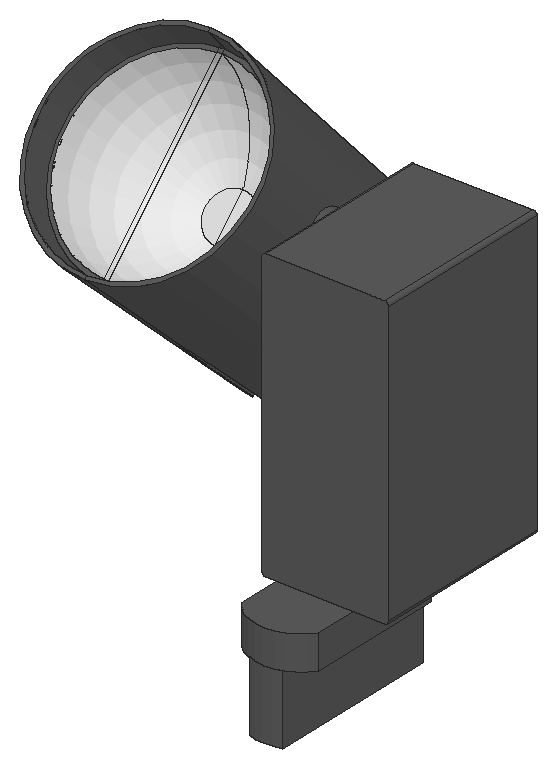
Revit family "0004941 Feilo Sylvania Lighting Fixture START TRACK SPOT S DALI 1944LM 930 MB BLK", category Lighting Fixtures, host Face, Revit 2017
Family settings
  Host = Face
  Round Connector Dimension = Use Diameter
  Part Type = Normal
  OmniClass Number = 23.80.70.00
  OmniClass Title = Lighting
  Cut with Voids When Loaded = No
  Light Source = No
  Shared = No
  Room Calculation Point = No
Parameters (values of type "0004941 START TRACK SPOT S DALI 1944LM 930 MB BLK")
  Weight = "0.966 kg"
  Wattage Comments = ""
  WarrantyStartDate [instance] = "n/a"
  WarrantyGuarantorParts = "n/a"
  WarrantyDurationUnit = "n/a"
  WarrantyDurationParts = "n/a"
  WarrantyDescription = "n/a"
  Voltage = 230 V
  URL = "http://www.sylvania-lighting.com/"
  TypeName = "START TRACK SPOT S DALI 1944LM 930 MB BLK"
  TypeHead_FEILO = Start Track Spot Head : 0004887 START TRACK SPOT S 24W 3K RA90 MB BLACK
  TypeBox_FEILO = Start Track Spot Box : Type Small Black
  Type Image = <None>
  Type Comments = "n/a"
  VerticalRotation_FEILO [instance] = 0.00°
  SlideEndAngle_FEILO [instance] = VerticalRotation_FEILO + 180.00°  # 180.00°
  SerialNumber [instance] = "n/a"
  Material_3_FEILO = none
  PowerFactor = 0.95
  PowerConsumption = "24 W"
  NominalLength = 0 mm
  NominalHeight = 200 mm
  NominalDepth = 140 mm
  Name = "START TRACK SPOT S DALI 1944LM 930 MB BLK"
  ModelReference = Name  # "START TRACK SPOT S DALI 1944LM 930 MB BLK"
  ModelNumber = "0004941"
  Model = Name  # "START TRACK SPOT S DALI 1944LM 930 MB BLK"
  Material = "adc12 aluminium housing, polycarbonate diffuser"
  ManufacturerName = "Feilo Sylvania"
  Manufacturer = "Feilo Sylvania"
  LuminousEfficacy = "81 lm/W"
  LuminaireType = ""
  LightOutputRatio = "100"
  LampsType = Lamp  # "LED"
  LampNominalLuminous = "1944 lm"
  LampMacAdamStep = "3"
  LampColourTemperature = "3000 K"
  LampColourRenderingIndex = "90"
  Lamp = "LED"
  Keynote = "16500"
  InstallationDate [instance] = "n/a"
  InputVoltage = "230-240V~"
  InputNominalFrequency = "50/60 Hz"
  IngressProtection = "IP20"
  ImpactProtectionIndex = "IK02"
  IfcExportType = "IfcLightFixtureType"
  IfcExportAs = "IfcLightFixtureType"
  HorizontalRotation_FEILO [instance] = 45.00°
  ExpectedLife = 50000
  ElectricShockClassification = "Class II"
  DurationUnit = "hours"
  DocumentationLiterature = "http://www.sylvania-lighting.com/product/en-int/products/0004887"
  DimmingControlOptions = "Dimmable"
  Material_2_FEILO = none
  Description = "Integrated LED spotlight, Textured Black - RAL9005, compact and minimalist design, ideal for retail applications, die-cast aluminium body, passive cooling heatsink. Beam angle: 36°, color temperature: 3000K , total system power: 24W, total fixture output: 1944 lm, LOR: 100%, colour rendering: Ra: 90 typical, LED Chromaticity: 3 step MacAdam ellipse, lifetime: >50000 hours at L70B50, energy class: A++, A+, A, IR/UV free light source without heat radiation, operating voltage: 220-240V / 50-60Hz, drive current: 600mA, electronic driver, non-dimmable, power factor: 0.95, electrical protection: Class II, Global Track 3 Phase adapter suitable for Global trac 3-circuit tracks, ingress protection rating: IP20, suitable for internal environment only, horizontal rotation: 355°, vertical tilt: 90°, dimensions: Ø86x140x200, weight: 0.966kg."
  Default Elevation = 1219.2 mm
  CreatedOn = "04/26/2018"
  CreatedBy = ""
  Cost = 0
  built-in parameter 1114216 [instance] = (empty or 0)
  ClassificationValue = "EF_70_80"
  ClassificationName = "Uniclass2015"
  Material_1_FEILO = Body-Sylvania-StartTrackSpot-Black
  BarCode [instance] = "n/a"
  AssetType = "Fixed"
  AssetIdentifier [instance] = "n/a"
  Assembly Code = "D5020200"
  Apparent Load = 24 VA
  Material_4_FEILO = none
Reference planes
  plane 1 "Center (Front/Back)": y = 0
  plane 2: z = 0
  plane 3 "Center (Left/Right)": x = 0
  plane 4: x = 15
  plane 5: x = -15
  plane 6: y = 35
  plane 7: y = -35
  plane 8: z = 13
  plane 9: z = -27
  plane 10: x = 6.5
  plane 11: x = -6.5
  plane 12: y = 27
  plane 13: y = -27
  plane 14: y = 20
Forms (mm)
  Extrusion 1, solid, material "Body-Sylvania-StartTrackSpot-Black" <- "Material_1_FEILO"
    sketch origin (0, 0, 0) x (1, 0, 0) y (0, 1, 0)
      loop
        line (-15, 27) -> (-15, -27)
        arc (-15, -27) -> (0, -35) -> (15, -27) r 18.062
        line (15, -27) -> (15, 27)
        arc (15, 27) -> (0, 35) -> (-15, 27) r 18.062
    from 0 to 13
  Extrusion 2, solid, material "Body-Sylvania-StartTrackSpot-Black" <- "Material_1_FEILO"
    sketch origin (0, 0, 0) x (1, 0, 0) y (0, 1, 0)
      loop
        arc (6.5, 33.79) -> (0, 35) -> (-6.5, 33.79) r 18.062
        line (-6.5, 33.79) -> (-6.5, -33.79)
        arc (-6.5, -33.79) -> (0, -35) -> (6.5, -33.79) r 18.062
        line (6.5, -33.79) -> (6.5, 33.79)
    from 0 to -27
  Revolve 3, solid, not visible
    sketch origin (1524, 20, 1219.2) x (1, 0, 0) y (0, 0, 1)
      loop
        line (-1524, -1206.2) -> (-1524, -1191.285) -> (-1530.5, -1191.285) -> (-1530.5, -1206.2) -> (-1524, -1206.2)
      axis (-1524, -1191.285) -> (-1524, -1206.2)
    angle from 0 <- "VerticalRotation_FEILO" to 180 <- "SlideEndAngle_FEILO"
Cuts and joins
  joined: Extrusion 1, Extrusion 2
Dimensions and locks
  equal spacing: plane 10, plane 3 "Center (Left/Right)", plane 11
  equal spacing: plane 4, plane 3 "Center (Left/Right)", plane 5
  locked: plane 8 to plane 2 at 13
  locked: plane 8 to plane 9 at 40
  equal spacing: plane 13, plane 1 "Center (Front/Back)", plane 12
  locked: plane 12 to plane 6 at 8
  locked: plane 14 to plane 6 at 15
  locked: Revolve 3 sketch curve to plane 8 at 14.915
  aligned and locked: plane 2 to host face
  aligned and locked: level to host face
  aligned and locked: plane 5 to Extrusion 1 sketch curve  (x2)
  aligned and locked: plane 12 to Extrusion 1 sketch curve
  aligned and locked: plane 13 to Extrusion 1 sketch curve
  aligned and locked: plane 4 to Extrusion 1 sketch curve
  aligned and locked: Extrusion 1 to plane 8
  aligned and locked: Extrusion 1 to level
  aligned and locked: Extrusion 2 sketch curve to Extrusion 1  (x2)
  aligned and locked: Extrusion 2 sketch curve to plane 11
  aligned and locked: plane 10 to Extrusion 2 sketch curve
  aligned and locked: plane 9 to Extrusion 2
  aligned and locked: level to Extrusion 2
  aligned and locked: Revolve 3 sketch curve to plane 3 "Center (Left/Right)"  (x2)
  aligned and locked: plane 11 to Revolve 3 sketch curve
  aligned and locked: Revolve 3 sketch curve to plane 8
Automatic sketch dimensions
  host sketch curve to host sketch curve = 2438.4 mm  (x2)
  Extrusion 1 sketch curve to plane 3 "Center (Left/Right)" = 0 mm  (x2)
  Extrusion 1 sketch curve to plane 13 = 10.062 mm
  plane 12 to Extrusion 1 sketch curve = 10.062 mm
  Revolve 3 sketch curve to plane 3 "Center (Left/Right)" = 0 mm
  plane 9 to Revolve 3 sketch curve = 582.6 mm
  Revolve 3 sketch curve to Revolve 3 sketch curve = 2581.144 mm
Nested families
  nested 1: "Start Track Spot Head" at (-62, 20, 112.529) x (0, 0.7071, 0.7071) z (0, 0.7071, -0.7071), type <- "TypeHead_FEILO", type "0004887 START TRACK SPOT S 24W 3K RA90 MB BLACK"
    with built-in parameter 1114216 (empty or 0)
  nested 2: "Start Track Spot Box" at (8.5, 20, 73) x (-1, 0, 0) z (0, -1, 0), BoxStartAngle_FEILO <- "HorizontalRotation_FEILO", type <- "TypeBox_FEILO", type "Type Small Black"
    with BoxStartAngle_FEILO 45.00°, BoxEndAngle_FEILO -135.00°
Connectors
  electrical at (0, 0, 0), driven by "Apparent Load", driven by "PowerFactor", driven by "Voltage"
    settings: index 1, voltage 230 V, apparent load 24 VA, apparent load phase1 0 VA, apparent load phase2 0 VA, apparent load phase3 0 VA, power factor 0.95, load classification "Lighting", number of poles 1, system type 30, power factor state 1, is connector primary yes, connector utility no, sub classification motor no, connector description ""
Definition of nested family "Start Track Spot Head"
  Parameters (values of type "0004811 START TRACK SPOT S 14W 3K RA80 NB WHITE")
    Wattage Comments = "n/a"
    Wattage = 14 W
    built-in parameter 1150110 = 1 (stored number, unit not read)
    URL = "http://www.feilosylvania.com"
    Type Image = (empty or 0)
    Type Comments = "n/a"
    built-in parameter 1114217 = 1 (stored number, unit not read)
    Tilt Angle = -90.00°
    built-in parameter 1150109 = 1 (stored number, unit not read)
    built-in parameter 1150134 = (empty or 0)
    built-in parameter 1150113 = 1 (stored number, unit not read)
    Photometric Web File = "0004811.ies"
    Material_3_FEILO = none
    Model = "START TRACK SPOT S 14W 3K RA80 NB WHITE"
    Manufacturer = "Feilo Sylvania"
    built-in parameter 1150105 = 123.66 (stored number, unit not read)
    Lumens = 1554 lm
    built-in parameter 1150115 = 1 (stored number, unit not read)
    built-in parameter 1150137 = (empty or 0)
    built-in parameter 1150139 = (empty or 0)
    built-in parameter 1150112 = 1 (stored number, unit not read)
    built-in parameter 1150114 = 1 (stored number, unit not read)
    Lamp = "LED"
    Keynote = "16500"
    Material_2_FEILO = none
    built-in parameter 1150132 = (empty or 0)
    built-in parameter 1150102 = (empty or 0)
    built-in parameter 1150107 = 3000 (stored number, unit not read)
    built-in parameter 1150138 = (empty or 0)
    built-in parameter 1150106 = 1.2366 (stored number, unit not read)
    HeadThickness_FEILO = if(HeadDiaOut_FEILO > 112 mm, 2 mm, 1.5 mm)  # 1.5 mm
    HeadRibOffset_FEILO = HeadHeight_FEILO / 28  # 4.179 mm
    HeadRibDepth_FEILO = HeadHeight_FEILO / 2.1  # 55.714 mm
    HeadRibCutWidth_FEILO = HeadDiaOut_FEILO / 12  # 7.167 mm
    HeadRibCutOffset_FEILO = HeadHeight_FEILO / 2.3  # 50.87 mm
    HeadReflectorRadius_FEILO = HeadDiaOut_FEILO / 1.7  # 50.588 mm
    HeadReflectorOffset_FEILO = HeadHeight_FEILO / 2.1  # 55.714 mm
    HeadLEDRadius_FEILO = HeadDiaOut_FEILO / 9  # 9.556 mm
    HeadHeight_FEILO = 117 mm
    HeadDraft_FEILO = 1 mm
    HeadDiffusorThickness_FEILO = 3 mm
    HeadDiffusorOffset_FEILO = HeadHeight_FEILO / 12.4  # 9.435 mm
    HeadDiaOut_FEILO = 86 mm
    HeadDiaIn_FEILO = HeadDiaOut_FEILO / 1.11  # 77.477 mm
    HeadAxisFromTop_FEILO = HeadHeight_FEILO / 1.687  # 69.354 mm
    Emit from Circle Diameter = HeadDiaIn_FEILO  # 77.477 mm
    Emit Shape Visible in Rendering = no
    built-in parameter 1150104 = 10.312 (stored number, unit not read)
    Dimming Lamp Color Temperature Shift = (empty or 0)
    Description = "Integrated LED spotlight, Textured White - RAL9016, compact and minimalist design, ideal for retail applications, die-cast aluminium body, passive cooling heatsink. Beam angle: 12°, color temperature: 3000K , total system power: 14W, total fixture output: 1551 lm, LOR: 100%, colour rendering: Ra: 80 typical, LED Chromaticity: 3 step MacAdam ellipse, lifetime: >50000 hours at L70B50, energy class: A++, A+, A, IR/UV free light source without heat radiation, operating voltage: 220-240V / 50-60Hz, drive current: 350mA, electronic driver, non-dimmable, power factor: 0.92, electrical protection: Class II, Global Track 3 Phase adapter suitable for Global trac 3-circuit tracks, ingress protection rating: IP20, suitable for internal environment only, horizontal rotation: 355°, vertical tilt: 90°, dimensions: Ø86x140x200, weight: 0.940kg."
    Default Elevation = 1219.2 mm
    Cost = 0
    Color Filter = 16777215
    built-in parameter 1114216 [instance] = (empty or 0)
    Material_1_FEILO = none
    built-in parameter 1114218 = 1 (stored number, unit not read)
    built-in parameter 1150133 = 10 (stored number, unit not read)
    Assembly Code = "D5020200"
    Apparent Load = 14 VA
    Material_4_FEILO = none
  Types (96, lengths in mm): name | Wattage | built-in parameter 1150134 | Photometric Web File | Model | built-in parameter 1150105 | Lumens | built-in parameter 1150107 | built-in parameter 1150106 | HeadThickness_FEILO | HeadRibOffset_FEILO | HeadRibDepth_FEILO | HeadRibCutWidth_FEILO | HeadRibCutOffset_FEILO | HeadReflectorRadius_FEILO | HeadReflectorOffset_FEILO | HeadLEDRadius_FEILO | HeadHeight_FEILO | HeadDiffusorOffset_FEILO | HeadDiaOut_FEILO | HeadDiaIn_FEILO | HeadAxisFromTop_FEILO | Emit from Circle Diameter | built-in parameter 1150104 | Description | Apparent Load
    0004906 START TRACK SPOT L 55W 4K RA90 WB BLACK | 55 W | 12 | "0004906.ies" | "START TRACK SPOT L 55W 4K RA90 WB BLACK" | 385.15 (stored number, unit not read) | 4840 lm | 4000 (stored number, unit not read) | 3.8515 (stored number, unit not read) | 2 | 4.429 | 59.048 | 9.417 | 53.913 | 66.471 | 59.048 | 12.556 | 124 | 10 | 113 | 101.802 | 73.503 | 101.802 | 8.1755 (stored number, unit not read) | "Integrated LED spotlight, Textured Black - RAL9005, compact and minimalist design, ideal for retail applications, die-cast aluminium body, passive cooling heatsink. Beam angle: 52°, color temperature: 4000K , total system power: 55W, total fixture output: 4824 lm, LOR: 100%, colour rendering: Ra: 90 typical, LED Chromaticity: 3 step MacAdam ellipse, lifetime: >50000 hours at L70B50, energy class: A++, A+, A, IR/UV free light source without heat radiation, operating voltage: 220-240V / 50-60Hz, drive current: 1400mA, electronic driver, non-dimmable, power factor: 0.96, electrical protection: Class II, Global Track 3 Phase adapter suitable for Global trac 3-circuit tracks, ingress protection rating: IP20, suitable for internal environment only, horizontal rotation: 355°, vertical tilt: 90°, dimensions: Ø113x164x240, weight: 1.398kg." | 55 VA
    0004905 START TRACK SPOT L 55W 4K RA90 MB BLACK | 55 W | 12 | "0004905.ies" | "START TRACK SPOT L 55W 4K RA90 MB BLACK" | 389.53 (stored number, unit not read) | 4895 lm | 4000 (stored number, unit not read) | 3.8953 (stored number, unit not read) | 2 | 4.429 | 59.048 | 9.417 | 53.913 | 66.471 | 59.048 | 12.556 | 124 | 10 | 113 | 101.802 | 73.503 | 101.802 | 8.2684 (stored number, unit not read) | "Integrated LED spotlight, Textured Black - RAL9005, compact and minimalist design, ideal for retail applications, die-cast aluminium body, passive cooling heatsink. Beam angle: 38°, color temperature: 4000K , total system power: 55W, total fixture output: 4897 lm, LOR: 100%, colour rendering: Ra: 90 typical, LED Chromaticity: 3 step MacAdam ellipse, lifetime: >50000 hours at L70B50, energy class: A++, A+, A, IR/UV free light source without heat radiation, operating voltage: 220-240V / 50-60Hz, drive current: 1400mA, electronic driver, non-dimmable, power factor: 0.96, electrical protection: Class II, Global Track 3 Phase adapter suitable for Global trac 3-circuit tracks, ingress protection rating: IP20, suitable for internal environment only, horizontal rotation: 355°, vertical tilt: 90°, dimensions: Ø113x164x240, weight: 1.398kg." | 55 VA
    0004904 START TRACK SPOT L 55W 4K RA90 NB BLACK | 55 W | 12 | "0004904.ies" | "START TRACK SPOT L 55W 4K RA90 NB BLACK" | 393.91 (stored number, unit not read) | 4950 lm | 4000 (stored number, unit not read) | 3.9391 (stored number, unit not read) | 2 | 4.429 | 59.048 | 9.417 | 53.913 | 66.471 | 59.048 | 12.556 | 124 | 10 | 113 | 101.802 | 73.503 | 101.802 | 8.3613 (stored number, unit not read) | "Integrated LED spotlight, Textured Black - RAL9005, compact and minimalist design, ideal for retail applications, die-cast aluminium body, passive cooling heatsink. Beam angle: 15°, color temperature: 4000K , total system power: 55W, total fixture output: 4965 lm, LOR: 100%, colour rendering: Ra: 90 typical, LED Chromaticity: 3 step MacAdam ellipse, lifetime: >50000 hours at L70B50, energy class: A++, A+, A, IR/UV free light source without heat radiation, operating voltage: 220-240V / 50-60Hz, drive current: 1400mA, electronic driver, non-dimmable, power factor: 0.96, electrical protection: Class II, Global Track 3 Phase adapter suitable for Global trac 3-circuit tracks, ingress protection rating: IP20, suitable for internal environment only, horizontal rotation: 355°, vertical tilt: 90°, dimensions: Ø113x164x240, weight: 1.398kg." | 55 VA
    0004903 START TRACK SPOT L 35W 4K RA90 WB BLACK | 35 W | 12 | "0004903.ies" | "START TRACK SPOT L 35W 4K RA90 WB BLACK" | 284.09 (stored number, unit not read) | 3570 lm | 4000 (stored number, unit not read) | 2.8409 (stored number, unit not read) | 2 | 4.429 | 59.048 | 9.417 | 53.913 | 66.471 | 59.048 | 12.556 | 124 | 10 | 113 | 101.802 | 73.503 | 101.802 | 9.4761 (stored number, unit not read) | "Integrated LED spotlight, Textured Black - RAL9005, compact and minimalist design, ideal for retail applications, die-cast aluminium body, passive cooling heatsink. Beam angle: 52°, color temperature: 4000K , total system power: 35W, total fixture output: 3562 lm, LOR: 100%, colour rendering: Ra: 90 typical, LED Chromaticity: 3 step MacAdam ellipse, lifetime: >50000 hours at L70B50, energy class: A++, A+, A, IR/UV free light source without heat radiation, operating voltage: 220-240V / 50-60Hz, drive current: 900mA, electronic driver, non-dimmable, power factor: 0.93, electrical protection: Class II, Global Track 3 Phase adapter suitable for Global trac 3-circuit tracks, ingress protection rating: IP20, suitable for internal environment only, horizontal rotation: 355°, vertical tilt: 90°, dimensions: Ø113x164x240, weight: 1.368kg." | 35 VA
    0004902 START TRACK SPOT L 35W 4K RA90 MB BLACK | 35 W | 12 | "0004902.ies" | "START TRACK SPOT L 35W 4K RA90 MB BLACK" | 286.88 (stored number, unit not read) | 3605 lm | 4000 (stored number, unit not read) | 2.8688 (stored number, unit not read) | 2 | 4.429 | 59.048 | 9.417 | 53.913 | 66.471 | 59.048 | 12.556 | 124 | 10 | 113 | 101.802 | 73.503 | 101.802 | 9.569 (stored number, unit not read) | "Integrated LED spotlight, Textured Black - RAL9005, compact and minimalist design, ideal for retail applications, die-cast aluminium body, passive cooling heatsink. Beam angle: 38°, color temperature: 4000K , total system power: 35W, total fixture output: 3616 lm, LOR: 100%, colour rendering: Ra: 90 typical, LED Chromaticity: 3 step MacAdam ellipse, lifetime: >50000 hours at L70B50, energy class: A++, A+, A, IR/UV free light source without heat radiation, operating voltage: 220-240V / 50-60Hz, drive current: 900mA, electronic driver, non-dimmable, power factor: 0.93, electrical protection: Class II, Global Track 3 Phase adapter suitable for Global trac 3-circuit tracks, ingress protection rating: IP20, suitable for internal environment only, horizontal rotation: 355°, vertical tilt: 90°, dimensions: Ø113x164x240, weight: 1.368kg." | 35 VA
    0004901 START TRACK SPOT L 35W 4K RA90 NB BLACK | 35 W | 12 | "0004901.ies" | "START TRACK SPOT L 35W 4K RA90 NB BLACK" | 286.88 (stored number, unit not read) | 3605 lm | 4000 (stored number, unit not read) | 2.8688 (stored number, unit not read) | 2 | 4.429 | 59.048 | 9.417 | 53.913 | 66.471 | 59.048 | 12.556 | 124 | 10 | 113 | 101.802 | 73.503 | 101.802 | 9.569 (stored number, unit not read) | "Integrated LED spotlight, Textured Black - RAL9005, compact and minimalist design, ideal for retail applications, die-cast aluminium body, passive cooling heatsink. Beam angle: 15°, color temperature: 4000K , total system power: 35W, total fixture output: 3593 lm, LOR: 100%, colour rendering: Ra: 90 typical, LED Chromaticity: 3 step MacAdam ellipse, lifetime: >50000 hours at L70B50, energy class: A++, A+, A, IR/UV free light source without heat radiation, operating voltage: 220-240V / 50-60Hz, drive current: 900mA, electronic driver, non-dimmable, power factor: 0.93, electrical protection: Class II, Global Track 3 Phase adapter suitable for Global trac 3-circuit tracks, ingress protection rating: IP20, suitable for internal environment only, horizontal rotation: 355°, vertical tilt: 90°, dimensions: Ø113x164x240, weight: 1.368kg." | 35 VA
    0004900 START TRACK SPOT S 24W 4K RA90 WB BLACK | 24 W | 12 | "0004900.ies" | "START TRACK SPOT S 24W 4K RA90 WB BLACK" | 166.16 (stored number, unit not read) | 2088 lm | 4000 (stored number, unit not read) | 1.6616 (stored number, unit not read) | 1.5 | 4.179 | 55.714 | 7.167 | 50.87 | 50.588 | 55.714 | 9.556 | 117 | 9.435 | 86 | 77.477 | 69.354 | 77.477 | 8.0826 (stored number, unit not read) | "Integrated LED spotlight, Textured Black - RAL9005, compact and minimalist design, ideal for retail applications, die-cast aluminium body, passive cooling heatsink. Beam angle: 64°, color temperature: 4000K , total system power: 24W, total fixture output: 2087 lm, LOR: 100%, colour rendering: Ra: 90 typical, LED Chromaticity: 3 step MacAdam ellipse, lifetime: >50000 hours at L70B50, energy class: A++, A+, A, IR/UV free light source without heat radiation, operating voltage: 220-240V / 50-60Hz, drive current: 600mA, electronic driver, non-dimmable, power factor: 0.95, electrical protection: Class II, Global Track 3 Phase adapter suitable for Global trac 3-circuit tracks, ingress protection rating: IP20, suitable for internal environment only, horizontal rotation: 355°, vertical tilt: 90°, dimensions: Ø86x140x200, weight: 0.966kg." | 24 VA
    0004899 START TRACK SPOT S 24W 4K RA90 MB BLACK | 24 W | 12 | "0004899.ies" | "START TRACK SPOT S 24W 4K RA90 MB BLACK" | 169.98 (stored number, unit not read) | 2136 lm | 4000 (stored number, unit not read) | 1.6998 (stored number, unit not read) | 1.5 | 4.179 | 55.714 | 7.167 | 50.87 | 50.588 | 55.714 | 9.556 | 117 | 9.435 | 86 | 77.477 | 69.354 | 77.477 | 8.2684 (stored number, unit not read) | "Integrated LED spotlight, Textured Black - RAL9005, compact and minimalist design, ideal for retail applications, die-cast aluminium body, passive cooling heatsink. Beam angle: 36°, color temperature: 4000K , total system power: 24W, total fixture output: 2141 lm, LOR: 100%, colour rendering: Ra: 90 typical, LED Chromaticity: 3 step MacAdam ellipse, lifetime: >50000 hours at L70B50, energy class: A++, A+, A, IR/UV free light source without heat radiation, operating voltage: 220-240V / 50-60Hz, drive current: 600mA, electronic driver, non-dimmable, power factor: 0.95, electrical protection: Class II, Global Track 3 Phase adapter suitable for Global trac 3-circuit tracks, ingress protection rating: IP20, suitable for internal environment only, horizontal rotation: 355°, vertical tilt: 90°, dimensions: Ø86x140x200, weight: 0.966kg." | 24 VA
    0004898 START TRACK SPOT S 24W 4K RA90 NB BLACK | 24 W | 12 | "0004898.ies" | "START TRACK SPOT S 24W 4K RA90 NB BLACK" | 171.89 (stored number, unit not read) | 2160 lm | 4000 (stored number, unit not read) | 1.7189 (stored number, unit not read) | 1.5 | 4.179 | 55.714 | 7.167 | 50.87 | 50.588 | 55.714 | 9.556 | 117 | 9.435 | 86 | 77.477 | 69.354 | 77.477 | 8.3613 (stored number, unit not read) | "Integrated LED spotlight, Textured Black - RAL9005, compact and minimalist design, ideal for retail applications, die-cast aluminium body, passive cooling heatsink. Beam angle: 12°, color temperature: 4000K , total system power: 24W, total fixture output: 2155 lm, LOR: 100%, colour rendering: Ra: 90 typical, LED Chromaticity: 3 step MacAdam ellipse, lifetime: >50000 hours at L70B50, energy class: A++, A+, A, IR/UV free light source without heat radiation, operating voltage: 220-240V / 50-60Hz, drive current: 600mA, electronic driver, non-dimmable, power factor: 0.95, electrical protection: Class II, Global Track 3 Phase adapter suitable for Global trac 3-circuit tracks, ingress protection rating: IP20, suitable for internal environment only, horizontal rotation: 355°, vertical tilt: 90°, dimensions: Ø86x140x200, weight: 0.966kg." | 24 VA
    0004897 START TRACK SPOT S 14W 4K RA90 WB BLACK | 14 W | 12 | "0004897.ies" | "START TRACK SPOT S 14W 4K RA90 WB BLACK" | 108.07 (stored number, unit not read) | 1358 lm | 4000 (stored number, unit not read) | 1.0807 (stored number, unit not read) | 1.5 | 4.179 | 55.714 | 7.167 | 50.87 | 50.588 | 55.714 | 9.556 | 117 | 9.435 | 86 | 77.477 | 69.354 | 77.477 | 9.0116 (stored number, unit not read) | "Integrated LED spotlight, Textured Black - RAL9005, compact and minimalist design, ideal for retail applications, die-cast aluminium body, passive cooling heatsink. Beam angle: 64°, color temperature: 4000K , total system power: 14W, total fixture output: 1352 lm, LOR: 100%, colour rendering: Ra: 90 typical, LED Chromaticity: 3 step MacAdam ellipse, lifetime: >50000 hours at L70B50, energy class: A++, A+, A, IR/UV free light source without heat radiation, operating voltage: 220-240V / 50-60Hz, drive current: 350mA, electronic driver, non-dimmable, power factor: 0.92, electrical protection: Class II, Global Track 3 Phase adapter suitable for Global trac 3-circuit tracks, ingress protection rating: IP20, suitable for internal environment only, horizontal rotation: 355°, vertical tilt: 90°, dimensions: Ø86x140x200, weight: 0.940kg." | 14 VA
    0004896 START TRACK SPOT S 14W 4K RA90 MB BLACK | 14 W | 12 | "0004896.ies" | "START TRACK SPOT S 14W 4K RA90 MB BLACK" | 108.07 (stored number, unit not read) | 1358 lm | 4000 (stored number, unit not read) | 1.0807 (stored number, unit not read) | 1.5 | 4.179 | 55.714 | 7.167 | 50.87 | 50.588 | 55.714 | 9.556 | 117 | 9.435 | 86 | 77.477 | 69.354 | 77.477 | 9.0116 (stored number, unit not read) | "Integrated LED spotlight, Textured Black - RAL9005, compact and minimalist design, ideal for retail applications, die-cast aluminium body, passive cooling heatsink. Beam angle: 36°, color temperature: 4000K , total system power: 14W, total fixture output: 1359 lm, LOR: 100%, colour rendering: Ra: 90 typical, LED Chromaticity: 3 step MacAdam ellipse, lifetime: >50000 hours at L70B50, energy class: A++, A+, A, IR/UV free light source without heat radiation, operating voltage: 220-240V / 50-60Hz, drive current: 350mA, electronic driver, non-dimmable, power factor: 0.92, electrical protection: Class II, Global Track 3 Phase adapter suitable for Global trac 3-circuit tracks, ingress protection rating: IP20, suitable for internal environment only, horizontal rotation: 355°, vertical tilt: 90°, dimensions: Ø86x140x200, weight: 0.940kg." | 14 VA
    0004895 START TRACK SPOT S 14W 4K RA90 NB BLACK | 14 W | 12 | "0004895.ies" | "START TRACK SPOT S 14W 4K RA90 NB BLACK" | 106.95 (stored number, unit not read) | 1344 lm | 4000 (stored number, unit not read) | 1.0695 (stored number, unit not read) | 1.5 | 4.179 | 55.714 | 7.167 | 50.87 | 50.588 | 55.714 | 9.556 | 117 | 9.435 | 86 | 77.477 | 69.354 | 77.477 | 8.9187 (stored number, unit not read) | "Integrated LED spotlight, Textured Black - RAL9005, compact and minimalist design, ideal for retail applications, die-cast aluminium body, passive cooling heatsink. Beam angle: 12°, color temperature: 4000K , total system power: 14W, total fixture output: 1349 lm, LOR: 100%, colour rendering: Ra: 90 typical, LED Chromaticity: 3 step MacAdam ellipse, lifetime: >50000 hours at L70B50, energy class: A++, A+, A, IR/UV free light source without heat radiation, operating voltage: 220-240V / 50-60Hz, drive current: 350mA, electronic driver, non-dimmable, power factor: 0.92, electrical protection: Class II, Global Track 3 Phase adapter suitable for Global trac 3-circuit tracks, ingress protection rating: IP20, suitable for internal environment only, horizontal rotation: 355°, vertical tilt: 90°, dimensions: Ø86x140x200, weight: 0.940kg." | 14 VA
    0004894 START TRACK SPOT L 55W 3K RA90 WB BLACK | 55 W | (empty or 0) | "0004894.ies" | "START TRACK SPOT L 55W 3K RA90 WB BLACK" | 350.14 (stored number, unit not read) | 4400 lm | 3000 (stored number, unit not read) | 3.5014 (stored number, unit not read) | 2 | 4.429 | 59.048 | 9.417 | 53.913 | 66.471 | 59.048 | 12.556 | 124 | 10 | 113 | 101.802 | 73.503 | 101.802 | 7.4322 (stored number, unit not read) | "Integrated LED spotlight, Textured Black - RAL9005, compact and minimalist design, ideal for retail applications, die-cast aluminium body, passive cooling heatsink. Beam angle: 52°, color temperature: 3000K , total system power: 55W, total fixture output: 4405 lm, LOR: 100%, colour rendering: Ra: 90 typical, LED Chromaticity: 3 step MacAdam ellipse, lifetime: >50000 hours at L70B50, energy class: A++, A+, A, IR/UV free light source without heat radiation, operating voltage: 220-240V / 50-60Hz, drive current: 1400mA, electronic driver, non-dimmable, power factor: 0.96, electrical protection: Class II, Global Track 3 Phase adapter suitable for Global trac 3-circuit tracks, ingress protection rating: IP20, suitable for internal environment only, horizontal rotation: 355°, vertical tilt: 90°, dimensions: Ø113x164x240, weight: 1.398kg." | 55 VA
    0004893 START TRACK SPOT L 55W 3K RA90 MB BLACK | 55 W | (empty or 0) | "0004893.ies" | "START TRACK SPOT L 55W 3K RA90 MB BLACK" | 354.52 (stored number, unit not read) | 4455 lm | 3000 (stored number, unit not read) | 3.5452 (stored number, unit not read) | 2 | 4.429 | 59.048 | 9.417 | 53.913 | 66.471 | 59.048 | 12.556 | 124 | 10 | 113 | 101.802 | 73.503 | 101.802 | 7.5251 (stored number, unit not read) | "Integrated LED spotlight, Textured Black - RAL9005, compact and minimalist design, ideal for retail applications, die-cast aluminium body, passive cooling heatsink. Beam angle: 38°, color temperature: 3000K , total system power: 55W, total fixture output: 4448 lm, LOR: 100%, colour rendering: Ra: 90 typical, LED Chromaticity: 3 step MacAdam ellipse, lifetime: >50000 hours at L70B50, energy class: A++, A+, A, IR/UV free light source without heat radiation, operating voltage: 220-240V / 50-60Hz, drive current: 1400mA, electronic driver, non-dimmable, power factor: 0.96, electrical protection: Class II, Global Track 3 Phase adapter suitable for Global trac 3-circuit tracks, ingress protection rating: IP20, suitable for internal environment only, horizontal rotation: 355°, vertical tilt: 90°, dimensions: Ø113x164x240, weight: 1.398kg." | 55 VA
    0004892 START TRACK SPOT L 55W 3K RA90 NB BLACK | 55 W | (empty or 0) | "0004892.ies" | "START TRACK SPOT L 55W 3K RA90 NB BLACK" | 350.14 (stored number, unit not read) | 4400 lm | 3000 (stored number, unit not read) | 3.5014 (stored number, unit not read) | 2 | 4.429 | 59.048 | 9.417 | 53.913 | 66.471 | 59.048 | 12.556 | 124 | 10 | 113 | 101.802 | 73.503 | 101.802 | 7.4322 (stored number, unit not read) | "Integrated LED spotlight, Textured Black - RAL9005, compact and minimalist design, ideal for retail applications, die-cast aluminium body, passive cooling heatsink. Beam angle: 15°, color temperature: 3000K , total system power: 55W, total fixture output: 4416 lm, LOR: 100%, colour rendering: Ra: 90 typical, LED Chromaticity: 3 step MacAdam ellipse, lifetime: >50000 hours at L70B50, energy class: A++, A+, A, IR/UV free light source without heat radiation, operating voltage: 220-240V / 50-60Hz, drive current: 1400mA, electronic driver, non-dimmable, power factor: 0.96, electrical protection: Class II, Global Track 3 Phase adapter suitable for Global trac 3-circuit tracks, ingress protection rating: IP20, suitable for internal environment only, horizontal rotation: 355°, vertical tilt: 90°, dimensions: Ø113x164x240, weight: 1.398kg." | 55 VA
    0004891 START TRACK SPOT L 35W 3K RA90 WB BLACK | 35 W | (empty or 0) | "0004891.ies" | "START TRACK SPOT L 35W 3K RA90 WB BLACK" | 259.02 (stored number, unit not read) | 3255 lm | 3000 (stored number, unit not read) | 2.5902 (stored number, unit not read) | 2 | 4.429 | 59.048 | 9.417 | 53.913 | 66.471 | 59.048 | 12.556 | 124 | 10 | 113 | 101.802 | 73.503 | 101.802 | 8.64 (stored number, unit not read) | "Integrated LED spotlight, Textured Black - RAL9005, compact and minimalist design, ideal for retail applications, die-cast aluminium body, passive cooling heatsink. Beam angle: 52°, color temperature: 3000K , total system power: 35W, total fixture output: 3260 lm, LOR: 100%, colour rendering: Ra: 90 typical, LED Chromaticity: 3 step MacAdam ellipse, lifetime: >50000 hours at L70B50, energy class: A++, A+, A, IR/UV free light source without heat radiation, operating voltage: 220-240V / 50-60Hz, drive current: 900mA, electronic driver, non-dimmable, power factor: 0.93, electrical protection: Class II, Global Track 3 Phase adapter suitable for Global trac 3-circuit tracks, ingress protection rating: IP20, suitable for internal environment only, horizontal rotation: 355°, vertical tilt: 90°, dimensions: Ø113x164x240, weight: 1.368kg." | 35 VA
    0004890 START TRACK SPOT L 35W 3K RA90 MB BLACK | 35 W | (empty or 0) | "0004890.ies" | "START TRACK SPOT L 35W 3K RA90 MB BLACK" | 261.81 (stored number, unit not read) | 3290 lm | 3000 (stored number, unit not read) | 2.6181 (stored number, unit not read) | 2 | 4.429 | 59.048 | 9.417 | 53.913 | 66.471 | 59.048 | 12.556 | 124 | 10 | 113 | 101.802 | 73.503 | 101.802 | 8.7329 (stored number, unit not read) | "Integrated LED spotlight, Textured Black - RAL9005, compact and minimalist design, ideal for retail applications, die-cast aluminium body, passive cooling heatsink. Beam angle: 38°, color temperature: 3000K , total system power: 35W, total fixture output: 3306 lm, LOR: 100%, colour rendering: Ra: 90 typical, LED Chromaticity: 3 step MacAdam ellipse, lifetime: >50000 hours at L70B50, energy class: A++, A+, A, IR/UV free light source without heat radiation, operating voltage: 220-240V / 50-60Hz, drive current: 900mA, electronic driver, non-dimmable, power factor: 0.93, electrical protection: Class II, Global Track 3 Phase adapter suitable for Global trac 3-circuit tracks, ingress protection rating: IP20, suitable for internal environment only, horizontal rotation: 355°, vertical tilt: 90°, dimensions: Ø113x164x240, weight: 1.368kg." | 35 VA
    0004889 START TRACK SPOT L 35W 3K RA90 NB BLACK | 35 W | (empty or 0) | "0004889.ies" | "START TRACK SPOT L 35W 3K RA90 NB BLACK" | 261.81 (stored number, unit not read) | 3290 lm | 3000 (stored number, unit not read) | 2.6181 (stored number, unit not read) | 2 | 4.429 | 59.048 | 9.417 | 53.913 | 66.471 | 59.048 | 12.556 | 124 | 10 | 113 | 101.802 | 73.503 | 101.802 | 8.7329 (stored number, unit not read) | "Integrated LED spotlight, Textured Black - RAL9005, compact and minimalist design, ideal for retail applications, die-cast aluminium body, passive cooling heatsink. Beam angle: 15°, color temperature: 3000K , total system power: 35W, total fixture output: 3287 lm, LOR: 100%, colour rendering: Ra: 90 typical, LED Chromaticity: 3 step MacAdam ellipse, lifetime: >50000 hours at L70B50, energy class: A++, A+, A, IR/UV free light source without heat radiation, operating voltage: 220-240V / 50-60Hz, drive current: 900mA, electronic driver, non-dimmable, power factor: 0.93, electrical protection: Class II, Global Track 3 Phase adapter suitable for Global trac 3-circuit tracks, ingress protection rating: IP20, suitable for internal environment only, horizontal rotation: 355°, vertical tilt: 90°, dimensions: Ø113x164x240, weight: 1.368kg." | 35 VA
    0004888 START TRACK SPOT S 24W 3K RA90 WB BLACK | 24 W | (empty or 0) | "0004888.ies" | "START TRACK SPOT S 24W 3K RA90 WB BLACK" | 152.79 (stored number, unit not read) | 1920 lm | 3000 (stored number, unit not read) | 1.5279 (stored number, unit not read) | 1.5 | 4.179 | 55.714 | 7.167 | 50.87 | 50.588 | 55.714 | 9.556 | 117 | 9.435 | 86 | 77.477 | 69.354 | 77.477 | 7.4322 (stored number, unit not read) | "Integrated LED spotlight, Textured Black - RAL9005, compact and minimalist design, ideal for retail applications, die-cast aluminium body, passive cooling heatsink. Beam angle: 64°, color temperature: 3000K , total system power: 24W, total fixture output: 1928 lm, LOR: 100%, colour rendering: Ra: 90 typical, LED Chromaticity: 3 step MacAdam ellipse, lifetime: >50000 hours at L70B50, energy class: A++, A+, A, IR/UV free light source without heat radiation, operating voltage: 220-240V / 50-60Hz, drive current: 600mA, electronic driver, non-dimmable, power factor: 0.95, electrical protection: Class II, Global Track 3 Phase adapter suitable for Global trac 3-circuit tracks, ingress protection rating: IP20, suitable for internal environment only, horizontal rotation: 355°, vertical tilt: 90°, dimensions: Ø86x140x200, weight: 0.966kg." | 24 VA
    0004887 START TRACK SPOT S 24W 3K RA90 MB BLACK | 24 W | (empty or 0) | "0004887.ies" | "START TRACK SPOT S 24W 3K RA90 MB BLACK" | 154.7 (stored number, unit not read) | 1944 lm | 3000 (stored number, unit not read) | 1.547 (stored number, unit not read) | 1.5 | 4.179 | 55.714 | 7.167 | 50.87 | 50.588 | 55.714 | 9.556 | 117 | 9.435 | 86 | 77.477 | 69.354 | 77.477 | 7.5251 (stored number, unit not read) | "Integrated LED spotlight, Textured Black - RAL9005, compact and minimalist design, ideal for retail applications, die-cast aluminium body, passive cooling heatsink. Beam angle: 36°, color temperature: 3000K , total system power: 24W, total fixture output: 1944 lm, LOR: 100%, colour rendering: Ra: 90 typical, LED Chromaticity: 3 step MacAdam ellipse, lifetime: >50000 hours at L70B50, energy class: A++, A+, A, IR/UV free light source without heat radiation, operating voltage: 220-240V / 50-60Hz, drive current: 600mA, electronic driver, non-dimmable, power factor: 0.95, electrical protection: Class II, Global Track 3 Phase adapter suitable for Global trac 3-circuit tracks, ingress protection rating: IP20, suitable for internal environment only, horizontal rotation: 355°, vertical tilt: 90°, dimensions: Ø86x140x200, weight: 0.966kg." | 24 VA
    0004886 START TRACK SPOT S 24W 3K RA90 NB BLACK | 24 W | (empty or 0) | "0004886.ies" | "START TRACK SPOT S 24W 3K RA90 NB BLACK" | 158.52 (stored number, unit not read) | 1992 lm | 3000 (stored number, unit not read) | 1.5852 (stored number, unit not read) | 1.5 | 4.179 | 55.714 | 7.167 | 50.87 | 50.588 | 55.714 | 9.556 | 117 | 9.435 | 86 | 77.477 | 69.354 | 77.477 | 7.711 (stored number, unit not read) | "Integrated LED spotlight, Textured Black - RAL9005, compact and minimalist design, ideal for retail applications, die-cast aluminium body, passive cooling heatsink. Beam angle: 12°, color temperature: 3000K , total system power: 24W, total fixture output: 1987 lm, LOR: 100%, colour rendering: Ra: 90 typical, LED Chromaticity: 3 step MacAdam ellipse, lifetime: >50000 hours at L70B50, energy class: A++, A+, A, IR/UV free light source without heat radiation, operating voltage: 220-240V / 50-60Hz, drive current: 600mA, electronic driver, non-dimmable, power factor: 0.95, electrical protection: Class II, Global Track 3 Phase adapter suitable for Global trac 3-circuit tracks, ingress protection rating: IP20, suitable for internal environment only, horizontal rotation: 355°, vertical tilt: 90°, dimensions: Ø86x140x200, weight: 0.966kg." | 24 VA
    0004885 START TRACK SPOT S 14W 3K RA90 WB BLACK | 14 W | (empty or 0) | "0004885.ies" | "START TRACK SPOT S 14W 3K RA90 WB BLACK" | 100.27 (stored number, unit not read) | 1260 lm | 3000 (stored number, unit not read) | 1.0027 (stored number, unit not read) | 1.5 | 4.179 | 55.714 | 7.167 | 50.87 | 50.588 | 55.714 | 9.556 | 117 | 9.435 | 86 | 77.477 | 69.354 | 77.477 | 8.3613 (stored number, unit not read) | "Integrated LED spotlight, Textured Black - RAL9005, compact and minimalist design, ideal for retail applications, die-cast aluminium body, passive cooling heatsink. Beam angle: 64°, color temperature: 3000K , total system power: 14W, total fixture output: 1262 lm, LOR: 100%, colour rendering: Ra: 90 typical, LED Chromaticity: 3 step MacAdam ellipse, lifetime: >50000 hours at L70B50, energy class: A++, A+, A, IR/UV free light source without heat radiation, operating voltage: 220-240V / 50-60Hz, drive current: 350mA, electronic driver, non-dimmable, power factor: 0.92, electrical protection: Class II, Global Track 3 Phase adapter suitable for Global trac 3-circuit tracks, ingress protection rating: IP20, suitable for internal environment only, horizontal rotation: 355°, vertical tilt: 90°, dimensions: Ø86x140x200, weight: 0.940kg." | 14 VA
    0004884 START TRACK SPOT S 14W 3K RA90 MB BLACK | 14 W | (empty or 0) | "0004884.ies" | "START TRACK SPOT S 14W 3K RA90 MB BLACK" | 100.27 (stored number, unit not read) | 1260 lm | 3000 (stored number, unit not read) | 1.0027 (stored number, unit not read) | 1.5 | 4.179 | 55.714 | 7.167 | 50.87 | 50.588 | 55.714 | 9.556 | 117 | 9.435 | 86 | 77.477 | 69.354 | 77.477 | 8.3613 (stored number, unit not read) | "Integrated LED spotlight, Textured Black - RAL9005, compact and minimalist design, ideal for retail applications, die-cast aluminium body, passive cooling heatsink. Beam angle: 36°, color temperature: 3000K , total system power: 14W, total fixture output: 1262 lm, LOR: 100%, colour rendering: Ra: 90 typical, LED Chromaticity: 3 step MacAdam ellipse, lifetime: >50000 hours at L70B50, energy class: A++, A+, A, IR/UV free light source without heat radiation, operating voltage: 220-240V / 50-60Hz, drive current: 350mA, electronic driver, non-dimmable, power factor: 0.92, electrical protection: Class II, Global Track 3 Phase adapter suitable for Global trac 3-circuit tracks, ingress protection rating: IP20, suitable for internal environment only, horizontal rotation: 355°, vertical tilt: 90°, dimensions: Ø86x140x200, weight: 0.940kg." | 14 VA
    0004883 START TRACK SPOT S 14W 3K RA90 NB BLACK | 14 W | (empty or 0) | "0004883.ies" | "START TRACK SPOT S 14W 3K RA90 NB BLACK" | 102.5 (stored number, unit not read) | 1288 lm | 3000 (stored number, unit not read) | 1.025 (stored number, unit not read) | 1.5 | 4.179 | 55.714 | 7.167 | 50.87 | 50.588 | 55.714 | 9.556 | 117 | 9.435 | 86 | 77.477 | 69.354 | 77.477 | 8.5471 (stored number, unit not read) | "Integrated LED spotlight, Textured Black - RAL9005, compact and minimalist design, ideal for retail applications, die-cast aluminium body, passive cooling heatsink. Beam angle: 12°, color temperature: 3000K , total system power: 14W, total fixture output: 1284 lm, LOR: 100%, colour rendering: Ra: 90 typical, LED Chromaticity: 3 step MacAdam ellipse, lifetime: >50000 hours at L70B50, energy class: A++, A+, A, IR/UV free light source without heat radiation, operating voltage: 220-240V / 50-60Hz, drive current: 350mA, electronic driver, non-dimmable, power factor: 0.92, electrical protection: Class II, Global Track 3 Phase adapter suitable for Global trac 3-circuit tracks, ingress protection rating: IP20, suitable for internal environment only, horizontal rotation: 355°, vertical tilt: 90°, dimensions: Ø86x140x200, weight: 0.940kg." | 14 VA
    0004882 START TRACK SPOT L 55W 4K RA90 WB WHITE | 55 W | 12 | "0004882.ies" | "START TRACK SPOT L 55W 4K RA90 WB WHITE" | 385.15 (stored number, unit not read) | 4840 lm | 4000 (stored number, unit not read) | 3.8515 (stored number, unit not read) | 2 | 4.429 | 59.048 | 9.417 | 53.913 | 66.471 | 59.048 | 12.556 | 124 | 10 | 113 | 101.802 | 73.503 | 101.802 | 8.1755 (stored number, unit not read) | "Integrated LED spotlight, Textured White - RAL9016, compact and minimalist design, ideal for retail applications, die-cast aluminium body, passive cooling heatsink. Beam angle: 52°, color temperature: 4000K , total system power: 55W, total fixture output: 4824 lm, LOR: 100%, colour rendering: Ra: 90 typical, LED Chromaticity: 3 step MacAdam ellipse, lifetime: >50000 hours at L70B50, energy class: A++, A+, A, IR/UV free light source without heat radiation, operating voltage: 220-240V / 50-60Hz, drive current: 1400mA, electronic driver, non-dimmable, power factor: 0.96, electrical protection: Class II, Global Track 3 Phase adapter suitable for Global trac 3-circuit tracks, ingress protection rating: IP20, suitable for internal environment only, horizontal rotation: 355°, vertical tilt: 90°, dimensions: Ø113x164x240, weight: 1.398kg." | 55 VA
    0004881 START TRACK SPOT L 55W 4K RA90 MB WHITE | 55 W | 12 | "0004881.ies" | "START TRACK SPOT L 55W 4K RA90 MB WHITE" | 389.53 (stored number, unit not read) | 4895 lm | 4000 (stored number, unit not read) | 3.8953 (stored number, unit not read) | 2 | 4.429 | 59.048 | 9.417 | 53.913 | 66.471 | 59.048 | 12.556 | 124 | 10 | 113 | 101.802 | 73.503 | 101.802 | 8.2684 (stored number, unit not read) | "Integrated LED spotlight, Textured White - RAL9016, compact and minimalist design, ideal for retail applications, die-cast aluminium body, passive cooling heatsink. Beam angle: 38°, color temperature: 4000K , total system power: 55W, total fixture output: 4897 lm, LOR: 100%, colour rendering: Ra: 90 typical, LED Chromaticity: 3 step MacAdam ellipse, lifetime: >50000 hours at L70B50, energy class: A++, A+, A, IR/UV free light source without heat radiation, operating voltage: 220-240V / 50-60Hz, drive current: 1400mA, electronic driver, non-dimmable, power factor: 0.96, electrical protection: Class II, Global Track 3 Phase adapter suitable for Global trac 3-circuit tracks, ingress protection rating: IP20, suitable for internal environment only, horizontal rotation: 355°, vertical tilt: 90°, dimensions: Ø113x164x240, weight: 1.398kg." | 55 VA
    0004880 START TRACK SPOT L 55W 4K RA90 NB WHITE | 55 W | 12 | "0004880.ies" | "START TRACK SPOT L 55W 4K RA90 NB WHITE" | 393.91 (stored number, unit not read) | 4950 lm | 4000 (stored number, unit not read) | 3.9391 (stored number, unit not read) | 2 | 4.429 | 59.048 | 9.417 | 53.913 | 66.471 | 59.048 | 12.556 | 124 | 10 | 113 | 101.802 | 73.503 | 101.802 | 8.3613 (stored number, unit not read) | "Integrated LED spotlight, Textured White - RAL9016, compact and minimalist design, ideal for retail applications, die-cast aluminium body, passive cooling heatsink. Beam angle: 15°, color temperature: 4000K , total system power: 55W, total fixture output: 4965 lm, LOR: 100%, colour rendering: Ra: 90 typical, LED Chromaticity: 3 step MacAdam ellipse, lifetime: >50000 hours at L70B50, energy class: A++, A+, A, IR/UV free light source without heat radiation, operating voltage: 220-240V / 50-60Hz, drive current: 1400mA, electronic driver, non-dimmable, power factor: 0.96, electrical protection: Class II, Global Track 3 Phase adapter suitable for Global trac 3-circuit tracks, ingress protection rating: IP20, suitable for internal environment only, horizontal rotation: 355°, vertical tilt: 90°, dimensions: Ø113x164x240, weight: 1.398kg." | 55 VA
    0004879 START TRACK SPOT L 35W 4K RA90 WB WHITE | 35 W | 12 | "0004879.ies" | "START TRACK SPOT L 35W 4K RA90 WB WHITE" | 284.09 (stored number, unit not read) | 3570 lm | 4000 (stored number, unit not read) | 2.8409 (stored number, unit not read) | 2 | 4.429 | 59.048 | 9.417 | 53.913 | 66.471 | 59.048 | 12.556 | 124 | 10 | 113 | 101.802 | 73.503 | 101.802 | 9.4761 (stored number, unit not read) | "Integrated LED spotlight, Textured White - RAL9016, compact and minimalist design, ideal for retail applications, die-cast aluminium body, passive cooling heatsink. Beam angle: 52°, color temperature: 4000K , total system power: 35W, total fixture output: 3562 lm, LOR: 100%, colour rendering: Ra: 90 typical, LED Chromaticity: 3 step MacAdam ellipse, lifetime: >50000 hours at L70B50, energy class: A++, A+, A, IR/UV free light source without heat radiation, operating voltage: 220-240V / 50-60Hz, drive current: 900mA, electronic driver, non-dimmable, power factor: 0.93, electrical protection: Class II, Global Track 3 Phase adapter suitable for Global trac 3-circuit tracks, ingress protection rating: IP20, suitable for internal environment only, horizontal rotation: 355°, vertical tilt: 90°, dimensions: Ø113x164x240, weight: 1.368kg." | 35 VA
    0004878 START TRACK SPOT L 35W 4K RA90 MB WHITE | 35 W | 12 | "0004878.ies" | "START TRACK SPOT L 35W 4K RA90 MB WHITE" | 286.88 (stored number, unit not read) | 3605 lm | 4000 (stored number, unit not read) | 2.8688 (stored number, unit not read) | 2 | 4.429 | 59.048 | 9.417 | 53.913 | 66.471 | 59.048 | 12.556 | 124 | 10 | 113 | 101.802 | 73.503 | 101.802 | 9.569 (stored number, unit not read) | "Integrated LED spotlight, Textured White - RAL9016, compact and minimalist design, ideal for retail applications, die-cast aluminium body, passive cooling heatsink. Beam angle: 38°, color temperature: 4000K , total system power: 35W, total fixture output: 3616 lm, LOR: 100%, colour rendering: Ra: 90 typical, LED Chromaticity: 3 step MacAdam ellipse, lifetime: >50000 hours at L70B50, energy class: A++, A+, A, IR/UV free light source without heat radiation, operating voltage: 220-240V / 50-60Hz, drive current: 900mA, electronic driver, non-dimmable, power factor: 0.93, electrical protection: Class II, Global Track 3 Phase adapter suitable for Global trac 3-circuit tracks, ingress protection rating: IP20, suitable for internal environment only, horizontal rotation: 355°, vertical tilt: 90°, dimensions: Ø113x164x240, weight: 1.368kg." | 35 VA
    0004877 START TRACK SPOT L 35W 4K RA90 NB WHITE | 35 W | 12 | "0004877.ies" | "START TRACK SPOT L 35W 4K RA90 NB WHITE" | 286.88 (stored number, unit not read) | 3605 lm | 4000 (stored number, unit not read) | 2.8688 (stored number, unit not read) | 2 | 4.429 | 59.048 | 9.417 | 53.913 | 66.471 | 59.048 | 12.556 | 124 | 10 | 113 | 101.802 | 73.503 | 101.802 | 9.569 (stored number, unit not read) | "Integrated LED spotlight, Textured White - RAL9016, compact and minimalist design, ideal for retail applications, die-cast aluminium body, passive cooling heatsink. Beam angle: 15°, color temperature: 4000K , total system power: 35W, total fixture output: 3593 lm, LOR: 100%, colour rendering: Ra: 90 typical, LED Chromaticity: 3 step MacAdam ellipse, lifetime: >50000 hours at L70B50, energy class: A++, A+, A, IR/UV free light source without heat radiation, operating voltage: 220-240V / 50-60Hz, drive current: 900mA, electronic driver, non-dimmable, power factor: 0.93, electrical protection: Class II, Global Track 3 Phase adapter suitable for Global trac 3-circuit tracks, ingress protection rating: IP20, suitable for internal environment only, horizontal rotation: 355°, vertical tilt: 90°, dimensions: Ø113x164x240, weight: 1.368kg." | 35 VA
    0004876 START TRACK SPOT S 24W 4K RA90 WB WHITE | 24 W | 12 | "0004876.ies" | "START TRACK SPOT S 24W 4K RA90 WB WHITE" | 166.16 (stored number, unit not read) | 2088 lm | 4000 (stored number, unit not read) | 1.6616 (stored number, unit not read) | 1.5 | 4.179 | 55.714 | 7.167 | 50.87 | 50.588 | 55.714 | 9.556 | 117 | 9.435 | 86 | 77.477 | 69.354 | 77.477 | 8.0826 (stored number, unit not read) | "Integrated LED spotlight, Textured White - RAL9016, compact and minimalist design, ideal for retail applications, die-cast aluminium body, passive cooling heatsink. Beam angle: 64°, color temperature: 4000K , total system power: 24W, total fixture output: 2087 lm, LOR: 100%, colour rendering: Ra: 90 typical, LED Chromaticity: 3 step MacAdam ellipse, lifetime: >50000 hours at L70B50, energy class: A++, A+, A, IR/UV free light source without heat radiation, operating voltage: 220-240V / 50-60Hz, drive current: 600mA, electronic driver, non-dimmable, power factor: 0.95, electrical protection: Class II, Global Track 3 Phase adapter suitable for Global trac 3-circuit tracks, ingress protection rating: IP20, suitable for internal environment only, horizontal rotation: 355°, vertical tilt: 90°, dimensions: Ø86x140x200, weight: 0.966kg." | 24 VA
    0004875 START TRACK SPOT S 24W 4K RA90 MB WHITE | 24 W | 12 | "0004875.ies" | "START TRACK SPOT S 24W 4K RA90 MB WHITE" | 169.98 (stored number, unit not read) | 2136 lm | 4000 (stored number, unit not read) | 1.6998 (stored number, unit not read) | 1.5 | 4.179 | 55.714 | 7.167 | 50.87 | 50.588 | 55.714 | 9.556 | 117 | 9.435 | 86 | 77.477 | 69.354 | 77.477 | 8.2684 (stored number, unit not read) | "Integrated LED spotlight, Textured White - RAL9016, compact and minimalist design, ideal for retail applications, die-cast aluminium body, passive cooling heatsink. Beam angle: 36°, color temperature: 4000K , total system power: 24W, total fixture output: 2141 lm, LOR: 100%, colour rendering: Ra: 90 typical, LED Chromaticity: 3 step MacAdam ellipse, lifetime: >50000 hours at L70B50, energy class: A++, A+, A, IR/UV free light source without heat radiation, operating voltage: 220-240V / 50-60Hz, drive current: 600mA, electronic driver, non-dimmable, power factor: 0.95, electrical protection: Class II, Global Track 3 Phase adapter suitable for Global trac 3-circuit tracks, ingress protection rating: IP20, suitable for internal environment only, horizontal rotation: 355°, vertical tilt: 90°, dimensions: Ø86x140x200, weight: 0.966kg." | 24 VA
    0004874 START TRACK SPOT S 24W 4K RA90 NB WHITE | 24 W | 12 | "0004874.ies" | "START TRACK SPOT S 24W 4K RA90 NB WHITE" | 171.89 (stored number, unit not read) | 2160 lm | 4000 (stored number, unit not read) | 1.7189 (stored number, unit not read) | 1.5 | 4.179 | 55.714 | 7.167 | 50.87 | 50.588 | 55.714 | 9.556 | 117 | 9.435 | 86 | 77.477 | 69.354 | 77.477 | 8.3613 (stored number, unit not read) | "Integrated LED spotlight, Textured White - RAL9016, compact and minimalist design, ideal for retail applications, die-cast aluminium body, passive cooling heatsink. Beam angle: 12°, color temperature: 4000K , total system power: 24W, total fixture output: 2155 lm, LOR: 100%, colour rendering: Ra: 90 typical, LED Chromaticity: 3 step MacAdam ellipse, lifetime: >50000 hours at L70B50, energy class: A++, A+, A, IR/UV free light source without heat radiation, operating voltage: 220-240V / 50-60Hz, drive current: 600mA, electronic driver, non-dimmable, power factor: 0.95, electrical protection: Class II, Global Track 3 Phase adapter suitable for Global trac 3-circuit tracks, ingress protection rating: IP20, suitable for internal environment only, horizontal rotation: 355°, vertical tilt: 90°, dimensions: Ø86x140x200, weight: 0.966kg." | 24 VA
    0004873 START TRACK SPOT S 14W 4K RA90 WB WHITE | 14 W | 12 | "0004873.ies" | "START TRACK SPOT S 14W 4K RA90 WB WHITE" | 108.07 (stored number, unit not read) | 1358 lm | 4000 (stored number, unit not read) | 1.0807 (stored number, unit not read) | 1.5 | 4.179 | 55.714 | 7.167 | 50.87 | 50.588 | 55.714 | 9.556 | 117 | 9.435 | 86 | 77.477 | 69.354 | 77.477 | 9.0116 (stored number, unit not read) | "Integrated LED spotlight, Textured White - RAL9016, compact and minimalist design, ideal for retail applications, die-cast aluminium body, passive cooling heatsink. Beam angle: 64°, color temperature: 4000K , total system power: 14W, total fixture output: 1352 lm, LOR: 100%, colour rendering: Ra: 90 typical, LED Chromaticity: 3 step MacAdam ellipse, lifetime: >50000 hours at L70B50, energy class: A++, A+, A, IR/UV free light source without heat radiation, operating voltage: 220-240V / 50-60Hz, drive current: 350mA, electronic driver, non-dimmable, power factor: 0.92, electrical protection: Class II, Global Track 3 Phase adapter suitable for Global trac 3-circuit tracks, ingress protection rating: IP20, suitable for internal environment only, horizontal rotation: 355°, vertical tilt: 90°, dimensions: Ø86x140x200, weight: 0.940kg." | 14 VA
    0004872 START TRACK SPOT S 14W 4K RA90 MB WHITE | 14 W | 12 | "0004872.ies" | "START TRACK SPOT S 14W 4K RA90 MB WHITE" | 108.07 (stored number, unit not read) | 1358 lm | 4000 (stored number, unit not read) | 1.0807 (stored number, unit not read) | 1.5 | 4.179 | 55.714 | 7.167 | 50.87 | 50.588 | 55.714 | 9.556 | 117 | 9.435 | 86 | 77.477 | 69.354 | 77.477 | 9.0116 (stored number, unit not read) | "Integrated LED spotlight, Textured White - RAL9016, compact and minimalist design, ideal for retail applications, die-cast aluminium body, passive cooling heatsink. Beam angle: 36°, color temperature: 4000K , total system power: 14W, total fixture output: 1359 lm, LOR: 100%, colour rendering: Ra: 90 typical, LED Chromaticity: 3 step MacAdam ellipse, lifetime: >50000 hours at L70B50, energy class: A++, A+, A, IR/UV free light source without heat radiation, operating voltage: 220-240V / 50-60Hz, drive current: 350mA, electronic driver, non-dimmable, power factor: 0.92, electrical protection: Class II, Global Track 3 Phase adapter suitable for Global trac 3-circuit tracks, ingress protection rating: IP20, suitable for internal environment only, horizontal rotation: 355°, vertical tilt: 90°, dimensions: Ø86x140x200, weight: 0.940kg." | 14 VA
    0004871 START TRACK SPOT S 14W 4K RA90 NB WHITE | 14 W | 12 | "0004871.ies" | "START TRACK SPOT S 14W 4K RA90 NB WHITE" | 106.95 (stored number, unit not read) | 1344 lm | 4000 (stored number, unit not read) | 1.0695 (stored number, unit not read) | 1.5 | 4.179 | 55.714 | 7.167 | 50.87 | 50.588 | 55.714 | 9.556 | 117 | 9.435 | 86 | 77.477 | 69.354 | 77.477 | 8.9187 (stored number, unit not read) | "Integrated LED spotlight, Textured White - RAL9016, compact and minimalist design, ideal for retail applications, die-cast aluminium body, passive cooling heatsink. Beam angle: 12°, color temperature: 4000K , total system power: 14W, total fixture output: 1349 lm, LOR: 100%, colour rendering: Ra: 90 typical, LED Chromaticity: 3 step MacAdam ellipse, lifetime: >50000 hours at L70B50, energy class: A++, A+, A, IR/UV free light source without heat radiation, operating voltage: 220-240V / 50-60Hz, drive current: 350mA, electronic driver, non-dimmable, power factor: 0.92, electrical protection: Class II, Global Track 3 Phase adapter suitable for Global trac 3-circuit tracks, ingress protection rating: IP20, suitable for internal environment only, horizontal rotation: 355°, vertical tilt: 90°, dimensions: Ø86x140x200, weight: 0.940kg." | 14 VA
    0004870 START TRACK SPOT L 55W 3K RA90 WB WHITE | 55 W | (empty or 0) | "0004870.ies" | "START TRACK SPOT L 55W 3K RA90 WB WHITE" | 350.14 (stored number, unit not read) | 4400 lm | 3000 (stored number, unit not read) | 3.5014 (stored number, unit not read) | 2 | 4.429 | 59.048 | 9.417 | 53.913 | 66.471 | 59.048 | 12.556 | 124 | 10 | 113 | 101.802 | 73.503 | 101.802 | 7.4322 (stored number, unit not read) | "Integrated LED spotlight, Textured White - RAL9016, compact and minimalist design, ideal for retail applications, die-cast aluminium body, passive cooling heatsink. Beam angle: 52°, color temperature: 3000K , total system power: 55W, total fixture output: 4405 lm, LOR: 100%, colour rendering: Ra: 90 typical, LED Chromaticity: 3 step MacAdam ellipse, lifetime: >50000 hours at L70B50, energy class: A++, A+, A, IR/UV free light source without heat radiation, operating voltage: 220-240V / 50-60Hz, drive current: 1400mA, electronic driver, non-dimmable, power factor: 0.96, electrical protection: Class II, Global Track 3 Phase adapter suitable for Global trac 3-circuit tracks, ingress protection rating: IP20, suitable for internal environment only, horizontal rotation: 355°, vertical tilt: 90°, dimensions: Ø113x164x240, weight: 1.398kg." | 55 VA
    0004869 START TRACK SPOT L 55W 3K RA90 MB WHITE | 55 W | (empty or 0) | "0004869.ies" | "START TRACK SPOT L 55W 3K RA90 MB WHITE" | 354.52 (stored number, unit not read) | 4455 lm | 3000 (stored number, unit not read) | 3.5452 (stored number, unit not read) | 2 | 4.429 | 59.048 | 9.417 | 53.913 | 66.471 | 59.048 | 12.556 | 124 | 10 | 113 | 101.802 | 73.503 | 101.802 | 7.5251 (stored number, unit not read) | "Integrated LED spotlight, Textured White - RAL9016, compact and minimalist design, ideal for retail applications, die-cast aluminium body, passive cooling heatsink. Beam angle: 38°, color temperature: 3000K , total system power: 55W, total fixture output: 4448 lm, LOR: 100%, colour rendering: Ra: 90 typical, LED Chromaticity: 3 step MacAdam ellipse, lifetime: >50000 hours at L70B50, energy class: A++, A+, A, IR/UV free light source without heat radiation, operating voltage: 220-240V / 50-60Hz, drive current: 1400mA, electronic driver, non-dimmable, power factor: 0.96, electrical protection: Class II, Global Track 3 Phase adapter suitable for Global trac 3-circuit tracks, ingress protection rating: IP20, suitable for internal environment only, horizontal rotation: 355°, vertical tilt: 90°, dimensions: Ø113x164x240, weight: 1.398kg." | 55 VA
    0004868 START TRACK SPOT L 55W 3K RA90 NB WHITE | 55 W | (empty or 0) | "0004868.ies" | "START TRACK SPOT L 55W 3K RA90 NB WHITE" | 350.14 (stored number, unit not read) | 4400 lm | 3000 (stored number, unit not read) | 3.5014 (stored number, unit not read) | 2 | 4.429 | 59.048 | 9.417 | 53.913 | 66.471 | 59.048 | 12.556 | 124 | 10 | 113 | 101.802 | 73.503 | 101.802 | 7.4322 (stored number, unit not read) | "Integrated LED spotlight, Textured White - RAL9016, compact and minimalist design, ideal for retail applications, die-cast aluminium body, passive cooling heatsink. Beam angle: 15°, color temperature: 3000K , total system power: 55W, total fixture output: 4416 lm, LOR: 100%, colour rendering: Ra: 90 typical, LED Chromaticity: 3 step MacAdam ellipse, lifetime: >50000 hours at L70B50, energy class: A++, A+, A, IR/UV free light source without heat radiation, operating voltage: 220-240V / 50-60Hz, drive current: 1400mA, electronic driver, non-dimmable, power factor: 0.96, electrical protection: Class II, Global Track 3 Phase adapter suitable for Global trac 3-circuit tracks, ingress protection rating: IP20, suitable for internal environment only, horizontal rotation: 355°, vertical tilt: 90°, dimensions: Ø113x164x240, weight: 1.398kg." | 55 VA
    0004867 START TRACK SPOT L 35W 3K RA90 WB WHITE | 35 W | (empty or 0) | "0004867.ies" | "START TRACK SPOT L 35W 3K RA90 WB WHITE" | 259.02 (stored number, unit not read) | 3255 lm | 3000 (stored number, unit not read) | 2.5902 (stored number, unit not read) | 2 | 4.429 | 59.048 | 9.417 | 53.913 | 66.471 | 59.048 | 12.556 | 124 | 10 | 113 | 101.802 | 73.503 | 101.802 | 8.64 (stored number, unit not read) | "Integrated LED spotlight, Textured White - RAL9016, compact and minimalist design, ideal for retail applications, die-cast aluminium body, passive cooling heatsink. Beam angle: 52°, color temperature: 3000K , total system power: 35W, total fixture output: 3260 lm, LOR: 100%, colour rendering: Ra: 90 typical, LED Chromaticity: 3 step MacAdam ellipse, lifetime: >50000 hours at L70B50, energy class: A++, A+, A, IR/UV free light source without heat radiation, operating voltage: 220-240V / 50-60Hz, drive current: 900mA, electronic driver, non-dimmable, power factor: 0.93, electrical protection: Class II, Global Track 3 Phase adapter suitable for Global trac 3-circuit tracks, ingress protection rating: IP20, suitable for internal environment only, horizontal rotation: 355°, vertical tilt: 90°, dimensions: Ø113x164x240, weight: 1.368kg." | 35 VA
    0004866 START TRACK SPOT L 35W 3K RA90 MB WHITE | 35 W | (empty or 0) | "0004866.ies" | "START TRACK SPOT L 35W 3K RA90 MB WHITE" | 261.81 (stored number, unit not read) | 3290 lm | 3000 (stored number, unit not read) | 2.6181 (stored number, unit not read) | 2 | 4.429 | 59.048 | 9.417 | 53.913 | 66.471 | 59.048 | 12.556 | 124 | 10 | 113 | 101.802 | 73.503 | 101.802 | 8.7329 (stored number, unit not read) | "Integrated LED spotlight, Textured White - RAL9016, compact and minimalist design, ideal for retail applications, die-cast aluminium body, passive cooling heatsink. Beam angle: 38°, color temperature: 3000K , total system power: 35W, total fixture output: 3306 lm, LOR: 100%, colour rendering: Ra: 90 typical, LED Chromaticity: 3 step MacAdam ellipse, lifetime: >50000 hours at L70B50, energy class: A++, A+, A, IR/UV free light source without heat radiation, operating voltage: 220-240V / 50-60Hz, drive current: 900mA, electronic driver, non-dimmable, power factor: 0.93, electrical protection: Class II, Global Track 3 Phase adapter suitable for Global trac 3-circuit tracks, ingress protection rating: IP20, suitable for internal environment only, horizontal rotation: 355°, vertical tilt: 90°, dimensions: Ø113x164x240, weight: 1.368kg." | 35 VA
    0004865 START TRACK SPOT L 35W 3K RA90 NB WHITE | 35 W | (empty or 0) | "0004865.ies" | "START TRACK SPOT L 35W 3K RA90 NB WHITE" | 261.81 (stored number, unit not read) | 3290 lm | 3000 (stored number, unit not read) | 2.6181 (stored number, unit not read) | 2 | 4.429 | 59.048 | 9.417 | 53.913 | 66.471 | 59.048 | 12.556 | 124 | 10 | 113 | 101.802 | 73.503 | 101.802 | 8.7329 (stored number, unit not read) | "Integrated LED spotlight, Textured White - RAL9016, compact and minimalist design, ideal for retail applications, die-cast aluminium body, passive cooling heatsink. Beam angle: 15°, color temperature: 3000K , total system power: 35W, total fixture output: 3287 lm, LOR: 100%, colour rendering: Ra: 90 typical, LED Chromaticity: 3 step MacAdam ellipse, lifetime: >50000 hours at L70B50, energy class: A++, A+, A, IR/UV free light source without heat radiation, operating voltage: 220-240V / 50-60Hz, drive current: 900mA, electronic driver, non-dimmable, power factor: 0.93, electrical protection: Class II, Global Track 3 Phase adapter suitable for Global trac 3-circuit tracks, ingress protection rating: IP20, suitable for internal environment only, horizontal rotation: 355°, vertical tilt: 90°, dimensions: Ø113x164x240, weight: 1.368kg." | 35 VA
